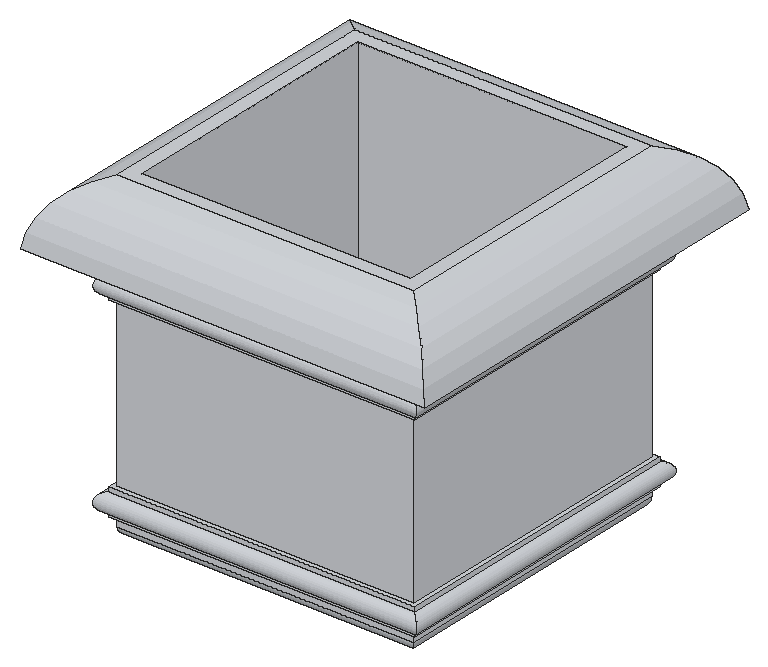
Revit family
Parameters (values of type "SBSP-137.5")
  Width = 5' - 0"
  URL = "www.strombergarchitectural.com"
  Top Material = GFRC
  Submittal Sheet = "www.strombergarchitectural.com/images/materials/gfrc/submittal/gfrc-submittal-sheet.pdf"
  Specifications = "www.strombergarchitectural.com/gfrcspecifications"
  Model Cut-sheet = "www.strombergarchitectural.com/products/bollards/design/sbsp-137"
  Model = "SBSP-137"
  Manufacturer = "Stromberg Architectural Products"
  Guidebook = "www.strombergarchitectural.com/images/materials/gfrc/handbooks/gfrc_guidebook.pdf"
  Frame Material = none
  Description = "GFRC Bollard"
  Assembly Code = ""
  Height = 4' - 0"
  137.5 = yes
  137.4 = no
  137.3 = no
  137.2 = no
  137.1 = no
Types (6): name | Width | Guidebook | Height | 137.5 | 137.4 | 137.3 | 137.2 | 137.1
  (no name) | 5' - 0" | "www.strombergarchitectural.com/images/materials/gfrc/handbooks/gfrc_guidebook.pdf" | 4' - 0" | yes | no | no | no | no
  SBSP-137.3 | 3' - 9" | "www.strombergarchitectural.com/images/materials/gfrc/handbooks/gfrc_guidebook.pdf" | 3' - 0" | no | no | yes | no | no
  SBSP-137.1 | 2' - 5" | "www.strombergarchitectural.com/images/materials/gfrc/handbooks/gfrc_guidebook.pdf   \r\n(http://www.strombergarchitectural.com/images/materials/gfrc/handbooks/gfrc_guidebook.pdf" | 2' - 0" | no | no | no | no | yes
  SBSP-137.2 | 3' - 1" | "www.strombergarchitectural.com/images/materials/gfrc/handbooks/gfrc_guidebook.pdf" | 2' - 6" | no | no | no | yes | no
  SBSP-137.4 | 4' - 4" | "www.strombergarchitectural.com/images/materials/gfrc/handbooks/gfrc_guidebook.pdf" | 3' - 6" | no | yes | no | no | no
  SBSP-137.5 | 5' - 0" | "www.strombergarchitectural.com/images/materials/gfrc/handbooks/gfrc_guidebook.pdf" | 4' - 0" | yes | no | no | no | no
Reference planes
  plane 1 "Center (Front/Back)": y = 95.211
  plane 2: z = 0
  plane 3 "Center (Left/Right)": x = 18.486
Forms (mm)
  Sweep 1, solid, visible <- "137.1"
    path in 3D
      loop
        line (-260.914, 374.611, 0) -> (297.886, 374.611, 0) -> (297.886, -184.189, 0) -> (-260.914, -184.189, 0) -> (-260.914, 374.611, 0)
    profile origin (-260.914, 95.211, 0) x (-1, 0, 0) y (0, 0, 1)
      loop
        line (0, 609.6) -> (-29.633, 609.6) -> (-29.633, 0) -> (-16.933, 0)
        arc (-16.933, 0) -> (-4.96, 4.96) -> (0, 16.933) r 16.933
        line (0, 16.933) -> (0, 33.867) -> (8.467, 33.867) -> (8.467, 42.333)
        arc (8.467, 42.333) -> (25.4, 59.267) -> (8.467, 76.2) r 16.933
        line (8.467, 76.2) -> (8.467, 84.667) -> (0, 84.667) -> (0, 399.787) -> (8.467, 399.787) -> (8.467, 408.254)
        arc (8.467, 408.254) -> (25.4, 425.187) -> (8.467, 442.12) r 16.933
        line (8.467, 442.12) -> (8.467, 450.587) -> (0, 450.587) -> (0, 493.183) -> (101.199, 493.183)
        arc (101.199, 493.183) -> (69.468, 567.793) -> (0, 609.6) r 131.469
  Sweep 2, solid, visible <- "137.2"
    path in 3D
      loop
        line (-330.764, 444.461, 0) -> (367.736, 444.461, 0) -> (367.736, -254.039, 0) -> (-330.764, -254.039, 0) -> (-330.764, 444.461, 0)
    profile origin (-330.764, 95.211, 0) x (-1, 0, 0) y (0, 0, 1)
      loop
        line (-6.972, 762) -> (-33.867, 762) -> (-33.867, 0) -> (-21.167, 0)
        arc (-21.167, 0) -> (-6.2, 6.2) -> (0, 21.167) r 21.167
        line (0, 21.167) -> (0, 42.333) -> (10.583, 42.333) -> (10.583, 52.917)
        arc (10.583, 52.917) -> (31.75, 74.083) -> (10.583, 95.25) r 21.167
        line (10.583, 95.25) -> (10.583, 105.833) -> (0, 105.833) -> (0, 499.734) -> (10.583, 499.734) -> (10.583, 510.317)
        arc (10.583, 510.317) -> (32.053, 531.787) -> (10.583, 553.257) r 21.47
        line (10.583, 553.257) -> (10.583, 563.234) -> (0, 563.234) -> (0, 616.479) -> (128.728, 616.479)
        arc (128.728, 616.479) -> (84.903, 711.644) -> (-6.972, 762) r 167.073
  Sweep 3, solid, visible <- "137.3"
    path in 3D
      loop
        line (-400.614, 514.311, 0) -> (437.586, 514.311, 0) -> (437.586, -323.889, 0) -> (-400.614, -323.889, 0) -> (-400.614, 514.311, 0)
    profile origin (-400.614, 95.211, 0) x (-1, 0, 0) y (0, 0, 1)
      loop
        line (-12.7, 914.4) -> (-50.8, 914.4) -> (-50.8, 0) -> (-38.1, 0)
        arc (-38.1, 0) -> (-20.139, 7.439) -> (-12.7, 25.4) r 25.4
        line (-12.7, 25.4) -> (-12.7, 50.8) -> (0, 50.8) -> (0, 63.5)
        arc (0, 63.5) -> (25.4, 88.9) -> (0, 114.3) r 25.4
        line (0, 114.3) -> (0, 127) -> (-12.7, 127) -> (-12.7, 599.68) -> (0, 599.68) -> (0, 612.38)
        arc (0, 612.38) -> (25.4, 637.78) -> (0, 663.18) r 25.4
        line (0, 663.18) -> (0, 675.88) -> (-12.7, 675.88) -> (-12.7, 739.775) -> (139.099, 739.775)
        arc (139.099, 739.775) -> (91.541, 851.724) -> (-12.7, 914.4) r 196.983
  Sweep 4, solid, visible <- "137.4"
    path in 3D
      loop
        line (-470.464, 584.161, 0) -> (507.436, 584.161, 0) -> (507.436, -393.739, 0) -> (-470.464, -393.739, 0) -> (-470.464, 584.161, 0)
    profile origin (-470.464, 95.211, 0) x (-1, 0, 0) y (0, 0, 1)
      loop
        line (0, 1066.8) -> (-42.333, 1066.8) -> (-42.333, 0) -> (-29.633, 0)
        arc (-29.633, 0) -> (-8.679, 8.679) -> (0, 29.633) r 29.633
        line (0, 29.633) -> (0, 59.267) -> (14.817, 59.267) -> (14.817, 74.083)
        arc (14.817, 74.083) -> (44.45, 103.717) -> (14.817, 133.35) r 29.633
        line (14.817, 133.35) -> (14.817, 148.167) -> (0, 148.167) -> (0, 699.627) -> (14.817, 699.627) -> (14.817, 714.444)
        arc (14.817, 714.444) -> (44.45, 744.077) -> (14.817, 773.711) r 29.633
        line (14.817, 773.711) -> (14.817, 788.527) -> (0, 788.527) -> (0, 863.071) -> (177.099, 863.071)
        arc (177.099, 863.071) -> (121.605, 993.67) -> (0, 1066.8) r 229.866
  Sweep 5, solid, visible <- "137.5"
    path in 3D
      loop
        line (-540.314, 654.011, 0) -> (577.286, 654.011, 0) -> (577.286, -463.589, 0) -> (-540.314, -463.589, 0) -> (-540.314, 654.011, 0)
    profile origin (-540.314, 95.211, 0) x (-1, 0, 0) y (0, 0, 1)
      loop
        line (0, 1219.2) -> (-51.659, 1219.2) -> (-51.659, 0) -> (-38.959, 0)
        arc (-38.959, 0) -> (-11.763, 8.056) -> (0, 33.867) r 34.199
        line (0, 33.867) -> (0, 67.733) -> (16.933, 67.733) -> (16.933, 84.667)
        arc (16.933, 84.667) -> (50.8, 118.533) -> (16.933, 152.4) r 33.867
        line (16.933, 152.4) -> (16.933, 169.333) -> (0, 169.333) -> (0, 799.574) -> (16.933, 799.574) -> (16.933, 816.507)
        arc (16.933, 816.507) -> (50.8, 850.374) -> (16.933, 884.241) r 33.867
        line (16.933, 884.241) -> (16.933, 901.174) -> (0, 901.174) -> (0, 986.367) -> (202.399, 986.367)
        arc (202.399, 986.367) -> (138.936, 1135.587) -> (0, 1219.2) r 262.938
Lines and regions (mm)
  sketch lines
    curve 1: line (-260.914, -184.189, 0) -> (-260.914, 374.611, 0)
    curve 2: line (297.886, -184.189, 0) -> (-260.914, -184.189, 0)
    curve 3: line (297.886, 374.611, 0) -> (297.886, -184.189, 0)
    curve 4: line (-260.914, 374.611, 0) -> (297.886, 374.611, 0)
    curve 5: line (-330.764, -254.039, 0) -> (-330.764, 444.461, 0)
    curve 6: line (367.736, -254.039, 0) -> (-330.764, -254.039, 0)
    curve 7: line (367.736, 444.461, 0) -> (367.736, -254.039, 0)
    curve 8: line (-330.764, 444.461, 0) -> (367.736, 444.461, 0)
    curve 9: line (-400.614, -323.889, 0) -> (-400.614, 514.311, 0)
    curve 10: line (437.586, -323.889, 0) -> (-400.614, -323.889, 0)
    curve 11: line (437.586, 514.311, 0) -> (437.586, -323.889, 0)
    curve 12: line (-400.614, 514.311, 0) -> (437.586, 514.311, 0)
    curve 13: line (-470.464, -393.739, 0) -> (-470.464, 584.161, 0)
    curve 14: line (507.436, -393.739, 0) -> (-470.464, -393.739, 0)
    curve 15: line (507.436, 584.161, 0) -> (507.436, -393.739, 0)
    curve 16: line (-470.464, 584.161, 0) -> (507.436, 584.161, 0)
    curve 17: line (-540.314, -463.589, 0) -> (-540.314, 654.011, 0)
    curve 18: line (577.286, -463.589, 0) -> (-540.314, -463.589, 0)
    curve 19: line (577.286, 654.011, 0) -> (577.286, -463.589, 0)
    curve 20: line (-540.314, 654.011, 0) -> (577.286, 654.011, 0)
